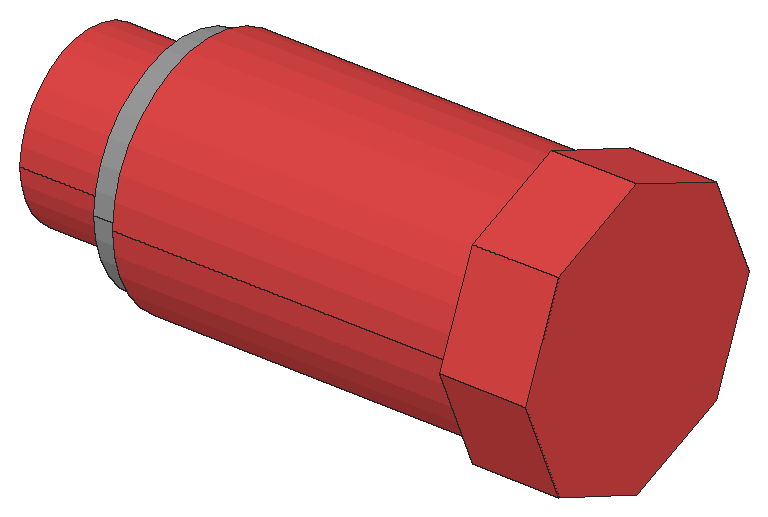
Revit family "PF_Заглушка [фитинг полипропиленовый - комплект пробок с резьбой длинных VTp.792.M]1 - VALTEC", category Соединительные детали трубопроводов, Revit 2019
Family settings
  Размер круглого соединителя = Использовать диаметр
  Тип детали = Заглушка
  На основе рабочей плоскости = Нет
  Всегда вертикально = Да
  При загрузке вырезать с полостями = Нет
  Общий = Нет
Parameters (values of type "VTp.792.M - Красный")
  Таблица = "PF_Заглушка [фитинг полипропиленовый - комплект пробок с резьбой длинных VTp.792.M] - VALTEC"  # constant formula
  built-in parameter 1114238 [instance] = (empty or 0)
  Материал доп.2 = Черный - VALTEC
  Manufacturer = ""
  dn4 [instance] = size_lookup(Таблица, "dn4", 0 mm, d)  # 30 mm
  dn3 [instance] = size_lookup(Таблица, "dn3", 0 mm, d)  # 28 mm
  dn2 [instance] = size_lookup(Таблица, "dn2", 0 mm, d)  # 26 mm
  dn1 [instance] = size_lookup(Таблица, "dn1", 0 mm, d)  # 20 mm
  d [instance] = 15 mm
  a2 [instance] = size_lookup(Таблица, "a2", 0 mm, d)  # 10 mm
  a1 [instance] = size_lookup(Таблица, "a1", 0 mm, d)  # 3 mm
  URL = "https://valtec.ru/"
  B [instance] = size_lookup(Таблица, "B", 0 mm, d)  # 11 mm
  ADSK_Примечание [instance] = ""
  ADSK_Позиция [instance] = ""
  ADSK_Обозначение [instance] = "VTp.792.M"  # constant formula
  ADSK_Наименование [instance] = size_lookup(Таблица, "", "Данный типоразмер отсутствует", d)  # "Комплект пробок полипропиленовых с резьбой длинных, , 1/2\""
  ADSK_Материал = Красной - VALTEC
  ADSK_Масса [instance] = size_lookup(Таблица, "Масса", 0, d)  # 0.032
  ADSK_Марка [instance] = size_lookup(Таблица, "Маркировка", "Данный типоразмер отсутствует", d)  # "1/2\""
  ADSK_Код изделия [instance] = size_lookup(Таблица, "Код продукта", "Данный типоразмер отсутствует", d)  # "VTp.792.M.04"
  ADSK_Завод-изготовитель [instance] = "VALTEC"  # constant formula
  ADSK_Единица измерения [instance] = "шт."  # constant formula
  ADSK_URL страницы изделия = "https://valtec.ru/catalog/sistemy_polipropilenovyh_truboprovodov/polipropilenovye_fitingi/komplekt_probok_polipropilenovyh_s_rezboj_dlinnyh.html"
  ADSK_URL документации изделия = "https://valtec.ru/document/technical/VTp.700-fitingi-0419.pdf"
  A [instance] = size_lookup(Таблица, "A", 0 mm, d)  # 64 mm
Types (3, lengths in mm): name | ADSK_Материал
  (no name) | Красной - VALTEC
  VTp.792.M - Красный | Красной - VALTEC
  VTp.792.M - Синий | Синий - VALTEC
Reference planes
  plane 1 "По центру (Вперед/Назад)": y = 0
  plane 2: z = 0
  plane 3 "По центру (Влево/Вправо)": x = 0
  plane 4: x = 64
  plane 5: x = 11
  plane 6: y = 13
  plane 7: y = -13
  plane 8: x = 14
  plane 9: x = 54
Forms (mm)
  Extrusion 1, solid, material "Черный - VALTEC" <- "Материал доп.2", detail levels medium+fine
    sketch origin (0, 0, 0) x (0, 1, 0) y (0, 0, 1)
      loop
        circle (0, 0) r 13
    from 11 to 14
  Extrusion 2, solid, material "Красной - VALTEC" <- "ADSK_Материал", detail levels medium+fine
    sketch origin (0, 0, 0) x (0, 1, 0) y (0, 0, 1)
      loop
        circle (0, 0) r 10
    from 0 to 11
  Extrusion 3, solid, material "Красной - VALTEC" <- "ADSK_Материал", detail levels medium+fine
    sketch origin (0, 0, 0) x (0, 1, 0) y (0, 0, 1)
      loop
        circle (0, 0) r 14
    from 14 to 54
Cuts and joins
  joined: Extrusion 2, Extrusion 3
Lines and regions (mm)
  model lines, detail levels coarse
    curve 1: line (64, 0, 0) -> (0, 0, 0)
    curve 2: line (64, -13, 0) -> (64, 13, 0)
  reference lines
    curve 3: line (64, 0, 0) -> (11, 0, 0)
Dimensions and locks
  "A": plane 3 "По центру (Влево/Вправо)" to plane 4
  "B": plane 3 "По центру (Влево/Вправо)" to plane 5
  equal spacing: plane 7, plane 1 "По центру (Вперед/Назад)", plane 6
  "dn2": plane 7 to plane 6
  "a1": plane 5 to plane 8
  "a2": plane 9 to plane 4
  "dn2": diameter of Extrusion 1 sketch curve
  "dn1": diameter of Extrusion 2 sketch curve
  "dn3": diameter of Extrusion 3 sketch curve
  aligned and locked: level to plane 2
  aligned and locked: plane 2 to Extrusion 1 sketch curve
  aligned and locked: plane 1 "По центру (Вперед/Назад)" to Extrusion 1 sketch curve
  aligned and locked: plane 2 to Extrusion 2 sketch curve
  aligned and locked: plane 1 "По центру (Вперед/Назад)" to Extrusion 2 sketch curve
  aligned and locked: Extrusion 2 to plane 3 "По центру (Влево/Вправо)"
  aligned and locked: Extrusion 2 to plane 5
  aligned and locked: plane 5 to Extrusion 1
  aligned and locked: Extrusion 1 to plane 8
  aligned and locked: plane 3 "По центру (Влево/Вправо)" to curve 1
  aligned and locked: plane 4 to curve 1
  aligned and locked: plane 7 to curve 2
  aligned and locked: plane 6 to curve 2
  aligned and locked: curve 2 to plane 4
  aligned and locked: curve 1 to plane 1 "По центру (Вперед/Назад)"
  aligned and locked: plane 1 "По центру (Вперед/Назад)" to nested 1
  aligned and locked: nested 1 to plane 4
  aligned and locked: plane 4 to curve 3
  aligned and locked: plane 5 to curve 3
  aligned and locked: curve 3 to plane 1 "По центру (Вперед/Назад)"
  aligned and locked: plane 2 to Extrusion 3 sketch curve
  aligned and locked: plane 1 "По центру (Вперед/Назад)" to Extrusion 3 sketch curve
  aligned and locked: plane 8 to Extrusion 3
  aligned and locked: Extrusion 3 to plane 9
Nested families
  nested 1: "Гайка - горизонталь" at (59, 0, 0), ADSK_Материал <- "ADSK_Материал", d <- "dn4", l <- "a2", type "Гайка - горизонталь", detail levels medium+fine
    with l 10 mm, d 30 mm, ADSK_Материал Красной - VALTEC
Connectors
  piping at (11, 0, 0), diameter 15, driven by "d"
    settings: on curve 3, index 1, connector inside diameter 609.6 mm, connector length 0 mm, flow factor 0, pipe flow 0.0 L/s, pressure drop 0.0 Pa, fitting loss kfactor 0, connector angle 0.00°, fixture units 0, engagement length 0 mm, angle of deflection 0.00°, flow configuration 0, flow direction 0, fitting loss method 0, system type 28, joint type 0, gender type 0, connector reference index -1, connector utility 0, adjustable connector no, is connector primary yes, connector description ""
Definition of nested family "Гайка - горизонталь"
  Parameters (values of type "Гайка - горизонталь")
    d [instance] = 588.881 mm
    l [instance] = 637.4 mm
    ADSK_Материал [instance] = none
  Reference planes
    plane 1 "По центру (Вперед/Назад)": y = 0
    plane 2: z = 0
    plane 3 "По центру (Влево/Вправо)": x = 0
    plane 4: y = 318.7
    plane 5: y = -318.7
    plane 6: through (0, -912.519, 2972.425) normal (0, -0.9239, -0.3827)
    plane 7: through (0, -1234.338, 2979.956) normal (0, -0.9239, -0.3827)
    plane 8: through (0, -1556.157, 2987.486) normal (0, -0.9239, -0.3827)
    plane 9: through (0, 1234.338, 2979.956) normal (0, -0.9239, 0.3827)
    plane 10: through (0, -2420.114, 1321.144) normal (0, -0.3827, -0.9239)
    plane 11: through (0, -2532.792, 1049.117) normal (0, -0.3827, -0.9239)
    plane 12: through (0, -2645.469, 777.089) normal (0, -0.3827, -0.9239)
    plane 13: through (0, 2420.114, 1321.144) normal (0, -0.3827, 0.9239)
    plane 14: through (0, 2532.792, 1049.117) normal (0, -0.3827, 0.9239)
    plane 15: through (0, 2645.469, 777.089) normal (0, -0.3827, 0.9239)
    plane 16: through (0, 912.519, 2972.425) normal (0, -0.9239, 0.3827)
    plane 17: through (0, 1234.338, 2979.956) normal (0, -0.9239, 0.3827)
    plane 18: through (0, 1556.157, 2987.486) normal (0, -0.9239, 0.3827)
    plane 19: x = 318.7
    plane 20: x = -318.7
  Forms (mm)
    Extrusion 1, solid, material <- "ADSK_Материал"
      sketch origin (0, 0, 0) x (0, 1, 0) y (0, 0, 1)
        loop
          line (0, 318.7) -> (-225.355, 225.355) -> (-318.7, 0) -> (-225.355, -225.355) -> (0, -318.7) -> (225.355, -225.355) -> (318.7, 0) -> (225.355, 225.355) -> (0, 318.7)
      from -318.7 to 318.7
  Lines and regions (mm)
    reference lines
      curve 1: line (0, -112.677, -272.027) -> (0, 112.677, 272.027)
      curve 2: line (0, -272.027, 112.677) -> (0, 272.027, -112.677)
  Dimensions and locks
    equal spacing: plane 4, plane 1 "По центру (Вперед/Назад)", plane 5
    locked: plane 4 to plane 5 at 637.4
    equal spacing: plane 8, plane 7, plane 6
    "d": plane 8 to plane 6
    equal spacing: plane 12, plane 11, plane 10
    "d": plane 12 to plane 10
    equal spacing: plane 15, plane 14, plane 13
    "d": plane 15 to plane 13
    equal spacing: plane 18, plane 17, plane 16
    "d": plane 18 to plane 16
    equal spacing: plane 20, plane 3 "По центру (Влево/Вправо)", plane 19
    "l": plane 20 to plane 19
    aligned and locked: level to plane 2
    aligned and locked: plane 10 to Extrusion 1 sketch curve
    aligned and locked: plane 13 to Extrusion 1 sketch curve
    aligned and locked: plane 16 to Extrusion 1 sketch curve
    aligned and locked: Extrusion 1 sketch curve to plane 8
    aligned and locked: Extrusion 1 sketch curve to plane 12
    aligned and locked: Extrusion 1 sketch curve to plane 15
    aligned and locked: Extrusion 1 sketch curve to plane 18
    aligned and locked: plane 6 to Extrusion 1 sketch curve
    aligned and locked: plane 19 to Extrusion 1
    aligned and locked: plane 20 to Extrusion 1
    aligned and locked: Extrusion 1 to plane 19
    aligned and locked: plane 16 to curve 2
    aligned and locked: plane 18 to curve 2
    aligned and locked: curve 2 to plane 11
    aligned and locked: plane 12 to curve 1
    aligned and locked: plane 10 to curve 1
    aligned and locked: curve 1 to plane 17
